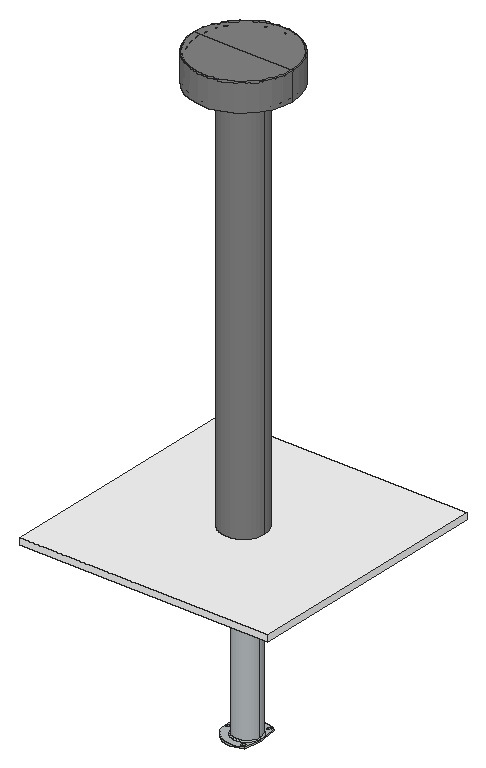
Revit family "BE_77233_de_DE", category Leuchten, Revit 2020
Family settings
  Basisbauteil = Fläche
  Bemaßung runder Anschluss = Durchmesser verwenden
  Teiletyp = Normal
  Beim Laden mit Abzugskörper schneiden = Ja
  Lichtquelle = Ja
  Gemeinsam genutzt = Nein
  Raumberechnungspunkt = Ja
Parameters (values of type "BEGA_77233_Grafit_K3")
  built-in parameter 1150104 = 13.006 (stored number, unit not read)
  Wattage = 4 W
  Default Elevation = 0 mm
  built-in parameter 1150113 = 1 (stored number, unit not read)
  built-in parameter 1114218 = 1 (stored number, unit not read)
  Umgebungstemperatur = "25 °C"
  URL = "https://www.bega.com/de/produkt/77233"
  Typenkommentare = "© 2022 BEGA. Wir behalten uns das Recht vor, technische Änderungen ohne vorherige Ankündigung vorzunehmen."  # constant formula
  Type Image = 77233.png
  built-in parameter 1150134 = (empty or 0)
  built-in parameter 1150109 = 1 (stored number, unit not read)
  Strom = ""
  built-in parameter 1150110 = 1 (stored number, unit not read)
  Spannung = 239.996 V
  Sonderanfertigung = no
  Seriennummer [instance] = "Hier können Sie die eindeutige Seriennummer für das Facility Management eintragen."
  Schutzklasse = "I"
  Schutzart = "IP 65"
  Scheinlast = 0 VA
  Produktdatenblatt = "https://cdn.bega.com/bega/products/77233AK3/current/documents/data-sheets/de"
  Oberflächentemperatur = ""
  Neigungswinkel = 0.00°
  Modell = "77233K3"
  Material_18 = BEGA_Gummi_schwarz
  Material_17 = BEGA_Reflektor
  Material_15 = BEGA_Leuchtmedium_matt
  Material_13 = BEGA_Kunststoff_matt
  Material_08 = BEGA_Oberfläche_Stahl_verzinkt
  Material_06 = BEGA_Oberfläche_Edelstahl_gebürstet
  Material_03 = BEGA_Oberfläche_Weiss_matt
  Material_02 = BEGA_Oberfläche_Silber_matt
  Material_01 [instance] = BEGA_Oberfläche_Grafit_matt
  M_W = no
  M_G = yes
  M_A = no
  Logo = 0
  built-in parameter 1114217 = 1 (stored number, unit not read)
  built-in parameter 1150139 = (empty or 0)
  built-in parameter 1150105 = 44.563 (stored number, unit not read)
  built-in parameter 1150114 = 1 (stored number, unit not read)
  Lumens = 560 lm
  built-in parameter 1150115 = 1 (stored number, unit not read)
  Leuchtenlichtstrom = "155 lm"
  Leuchtenanzahl = ""
  Lebensdauerkriterien = "L70B50 @ 25 °C = 200000 h"
  Lastklassifizierung = Beleuchtung
  built-in parameter 1150112 = 1 (stored number, unit not read)
  Lampenlichtstrom = "580 lm"
  Lampe = "LED 3.9 W"
  LED_Modulbezeichnung = "LED-1209/830"
  built-in parameter 1150142 = (empty or 0)
  Hersteller = "BEGA"  # constant formula
  Halbstreuwinkel = ""
  Gewicht = "2.85 kg"
  Gebrauchslageneinschränkung [instance] = ""
  Frequenz = "0/50-60 Hz"
  Farbwiedergabeindex = "CRI > 80"
  Farbtemperaturverschiebung bei Dämpfen der Lampe = <Keine Auswahl>
  Farbtemperatur = "3000 K"
  Color Filter = 16777215
  built-in parameter 1150133 = 10 (stored number, unit not read)
  Energieeffizienzklasse = "LED A++ - A"
  built-in parameter 1150137 = (empty or 0)
  built-in parameter 1150132 = (empty or 0)
  ENEC = "ja"
  Dimmbar [instance] = "on/off"
  Datei für fotometrisches Netz = "BE_77233K3.IES"
  CE_Konformität = "ja"
  Bestellnummer = "77233K3"
  Beschreibung_Sonderanfertigung = "Hier können Sie Informationen zur Sonderanfertigung eintragen."
  Beschreibung = "Garten- und Wegeleuchte"
  built-in parameter 1150106 = 0.44563 (stored number, unit not read)
  Befestigungsbohrung = ""
  Befestigungsabstand = ""
  Ballwurfsicher = ""
  BEGA_Intern_aus = yes
  BEGA_Intern_an = yes
  BEGA_Intern_Konstruktion = yes
  BEGA_Intern = yes
  BEGA_IES = yes
  BEGA_Dummy = no
  Anschlussleitung = ""
  Anschlussleistung [instance] = "5 W"
  built-in parameter 1150107 = 3000 (stored number, unit not read)
  built-in parameter 1150102 = (empty or 0)
  built-in parameter 1150138 = (empty or 0)
  Aktualisierung = "2022-05-19T04:00:07"
  Abstand_zur_angestrahlten_Fläche [instance] = ""
  AC/DC = "AC/DC"
Types (2, lengths in mm): name | Modell | M_G | M_A | Bestellnummer
  BEGA_77233_Silber_K3 | "77233AK3" | no | yes | "77233AK3"
  BEGA_77233_Grafit_K3 | "77233K3" | yes | no | "77233K3"
Reference planes
  plane 1 "Mitte (Vorne/Hinten)": y = 0
  plane 2: z = 0
  plane 3 "Mitte (Links/Rechts)": x = 0
  plane 4 "Links": x = -80
  plane 5 "Rechts": x = 80
  plane 6 "Unten": y = -80
  plane 7 "Oben": y = 80
  plane 8 "Vorne": z = 684.993
  plane 9 "Hinten": z = -299.999
Forms (mm)
  Extrusion 1, solid, material "BEGA_Platte_Weiss"
    sketch origin (0, -1119.2, 0) x (1, 0, 0) y (0, 1, 0)
      loop
        line (-200, 1319.2) -> (-200, 919.2) -> (200, 919.2) -> (200, 1319.2) -> (-200, 1319.2)
    from 0 to -10
  Extrusion 2, solid, material "BEGA_Dummy_matt", visible <- "BEGA_Dummy"
    sketch origin (77.149, -76.023, 0) x (1, 0, 0) y (0, 1, 0)
      loop
        circle (-77.149, 76.023) r 80
    from 0 to 684.993
Dimensions and locks
  plane 1 "Mitte (Vorne/Hinten)" to Extrusion 1 = 200 mm
  aligned and locked: plane 2 to Extrusion 1
  aligned and locked: level to Extrusion 1
Nested families
  nested 1: "BE_77233" at (0, 0, 0), type "BE_77233"
Connectors
  electrical at (0, 0, 0), driven by "Lastklassifizierung", driven by "Spannung", driven by "Scheinlast"
    settings: index 1, voltage 239.996 V, apparent load 0 VA, apparent load phase1 0 VA, apparent load phase2 0 VA, apparent load phase3 0 VA, power factor 1, load classification "Beleuchtung", number of poles 1, system type 31, power factor state 1, is connector primary yes, connector utility no, sub classification motor no, connector description ""
Definition of nested family "BE_77233"
  Parameters (values of type "BE_77233")
    Default Elevation = 1 mm
    URL = "http://www.bega.de/de/produkt"
    Type Comments = "© 2015 BEGA. Wir behalten uns das Recht vor, technische Änderungen ohne vorherige Ankündigung vorzunehmen. "  # constant formula
    Type Image = (empty or 0)
    Material_18 = none
    Material_17 = none
    Material_15 = none
    Material_13 = none
    Material_11 = none
    Material_09 = none
    Material_08 = none
    Material_06 = none
    Material_03 = none
    Material_02 = none
    Material_01 = none
    M_W = yes
    M_G = yes
    M_A = yes
    Länge_Platte = 200 mm  # constant formula
    Höhe_Platte = -10 mm  # constant formula
    Manufacturer = "BEGA"  # constant formula
    Breite_Platte = 200 mm  # constant formula
  Reference planes
    plane 1 "Mitte (Oben/Unten)": y = 0
    plane 2: z = 0
    plane 3 "Mitte (Links/Rechts)": x = 0
    plane 4: x = -80
    plane 5: x = 80
    plane 6: y = -80
    plane 7: y = 80
    plane 8: z = 684.993
    plane 9: z = -299.999
  Forms (mm)
    Extrusion 1, solid, detail levels medium
      sketch origin (0, 0, 0) x (1, 0, 0) y (0, 1, 0)
        loop
          line (-100, 100) -> (-100, -100) -> (100, -100) -> (100, 100) -> (-100, 100)
      from 0 to -10 <- "Höhe_Platte"
    Revolve 2, solid, material <- "Material_08", detail levels medium+fine
      sketch origin (12, 0, -300) x (1, 0, 0) y (0, 0, 1)
        loop
          line (-41, 2) -> (-41, 0.001) -> (-29.074, 0.001)
          arc (-29.074, 0.001) -> (-27.964, 0.292) -> (-27.1, 1.049) r 2.5
          line (-27.1, 1.049) -> (-27.1, 3.826) -> (-28.928, 2) -> (-41, 2)
        axis (-6, 0.001) -> (-6, 3.826)
      angle from 0 to 360
    Extrusion 3, void
      sketch origin (12, 0, 0) x (1, 0, 0) y (0, 1, 0)
        loop
          arc (18.123, 4.279) -> (18.5, 0) -> (18.123, -4.279) r 24.5
          line (18.123, -4.279) -> (13.787, -28.87)
          arc (13.787, -28.87) -> (24.964, -16.316) -> (29, 0) r 35
          arc (29, 0) -> (24.964, 16.316) -> (13.787, 28.87) r 35
          line (13.787, 28.87) -> (18.123, 4.279)
      from -304.302 to -292.496
    Revolve 4, solid, material <- "Material_08", detail levels medium+fine
      sketch origin (0, 0, 0) x (1, 0, 0) y (0, 0, 1)
        loop
          line (-15.1, -298.749) -> (-13.1, -298.749) -> (-13.1, 120) -> (-15.1, 120) -> (-15.1, -298.749)
        axis (6, 120) -> (6, -298.749)
      angle from 0 to 360
    Revolve 5, solid, material <- "Material_01", visible <- "M_G", detail levels medium+fine
      sketch origin (0, 0, -11) x (1, 0, 0) y (0, 0, 1)
        loop
          line (-35, 11) -> (-32, 11) -> (-32, 651.002) -> (-33.896, 650.995)
          arc (-33.896, 650.995) -> (-34.669, 650.743) -> (-35, 650) r 1
          line (-35, 650) -> (-35, 11)
        axis (0, 651.002) -> (0, 11)
      angle from 0 to 360
    Revolve 6, solid, material <- "Material_01", visible <- "M_G", detail levels medium+fine
      sketch origin (0, 0, -11) x (1, 0, 0) y (0, 0, 1)
        loop
          line (-80, 650.994) -> (-77.4, 650.994) -> (-77.271, 658.394) -> (-73.693, 658.394) -> (-73.118, 691.329)
          arc (-73.118, 691.329) -> (-72.52, 692.72) -> (-71.118, 693.294) r 2
          line (-71.118, 693.294) -> (0, 693.294) -> (0, 695.994) -> (-78.616, 695.994)
          arc (-78.616, 695.994) -> (-79.32, 695.704) -> (-79.616, 695.002) r 1
          line (-79.616, 695.002) -> (-80, 650.994)
        axis (0, 695.994) -> (0, 650.994)
      angle from 0 to 360
    Revolve 7, solid, material <- "Material_13", detail levels medium+fine
      sketch origin (0, 0, -11) x (1, 0, 0) y (0, 0, 1)
        loop
          line (-76.9, 658.394) -> (-76.9, 654.471)
          arc (-76.9, 654.471) -> (-76.616, 653.774) -> (-75.926, 653.472) r 1
          line (-75.926, 653.472) -> (-28.354, 652.226) -> (-26.75, 631.9) -> (-24, 631.9) -> (-24, 656.548) -> (-76.9, 658.394)
        axis (0, 631.9) -> (0, 658.394)
      angle from 0 to 360
    Revolve 8, void
      sketch origin (0, 0, 0) x (1, 0, 0) y (0, 0, 1)
        loop
          line (-30.669, 39) -> (-36.301, 39) -> (-36.301, 35) -> (-30.669, 35) -> (-30.669, 39)
        axis (-36.301, 35) -> (-30.669, 35)
      angle from 0 to 360
    Revolve 9, void
      sketch origin (0, 0, 50) x (1, 0, 0) y (0, 0, 1)
        loop
          line (-30.22, 39) -> (-36.02, 39) -> (-36.02, 35) -> (-30.22, 35) -> (-30.22, 39)
        axis (-36.02, 35) -> (-30.22, 35)
      angle from 0 to 360
    Extrusion 10, void
      sketch origin (12, 0, 0) x (1, 0, 0) y (0, 1, 0)
        loop
          circle (9, 25.981) r 2.75
        loop
          circle (9, -25.981) r 2.75
      from -304.302 to -292.496
    Revolve 11, solid, material <- "Material_02", visible <- "M_A", detail levels medium+fine
      sketch origin (0, 0, -11) x (1, 0, 0) y (0, 0, 1)
        loop
          line (-35, 11) -> (-32, 11) -> (-32, 651.002) -> (-33.896, 650.995)
          arc (-33.896, 650.995) -> (-34.669, 650.743) -> (-35, 650) r 1
          line (-35, 650) -> (-35, 11)
        axis (0, 651.002) -> (0, 11)
      angle from 0 to 360
    Revolve 12, solid, material <- "Material_02", visible <- "M_A", detail levels medium+fine
      sketch origin (0, 0, -11) x (1, 0, 0) y (0, 0, 1)
        loop
          line (-80, 650.994) -> (-77.4, 650.994) -> (-77.271, 658.394) -> (-73.693, 658.394) -> (-73.118, 691.329)
          arc (-73.118, 691.329) -> (-72.52, 692.72) -> (-71.118, 693.294) r 2
          line (-71.118, 693.294) -> (0, 693.294) -> (0, 695.994) -> (-78.616, 695.994)
          arc (-78.616, 695.994) -> (-79.32, 695.704) -> (-79.616, 695.002) r 1
          line (-79.616, 695.002) -> (-80, 650.994)
        axis (0, 695.994) -> (0, 650.994)
      angle from 0 to 360
    Extrusion 13, void
      sketch origin (-33, 25.981, 0) x (1, 0, 0) y (0, 1, 0)
        loop
          circle (9, 25.981) r 2.75
        loop
          circle (9, -25.981) r 2.75
      from -304.302 to -292.496
    Revolve 14, solid, material <- "Material_06", detail levels fine
      sketch origin (0, 0, -11) x (-1, 0, 0) y (0, 0, 1)
        loop
          line (32.579, 100.1) -> (32.579, 99) -> (15.1, 99) -> (15.1, 96) -> (34.8, 96) -> (34.8, 100.1) -> (32.579, 100.1)
        axis (15.1, 96) -> (34.8, 96)
      angle from 0 to 360
    Revolve 15, solid, material <- "Material_06", detail levels fine
      sketch origin (0, 0, -61) x (-1, 0, 0) y (0, 0, 1)
        loop
          line (32.579, 100.1) -> (32.579, 99) -> (15.1, 99) -> (15.1, 96) -> (34.8, 96) -> (34.8, 100.1) -> (32.579, 100.1)
        axis (15.1, 96) -> (34.8, 96)
      angle from 0 to 360
  Cuts and joins
    Extrusion 3, Extrusion 10, Extrusion 13 cuts Revolve 2
    Extrusion 10, Extrusion 13 cuts Revolve 4
    joined: Revolve 2, Revolve 4
    Revolve 8, Revolve 9, Extrusion 10 cuts Revolve 5
    Revolve 8, Revolve 9 cuts Revolve 11
  Dimensions and locks
    equal spacing: Extrusion 1 sketch curve, plane 3 "Mitte (Links/Rechts)", Extrusion 1 sketch curve
    equal spacing: Extrusion 1 sketch curve, plane 1 "Mitte (Oben/Unten)", Extrusion 1 sketch curve
    "Länge_Platte": Extrusion 1 sketch curve to Extrusion 1 sketch curve
    "Breite_Platte": Extrusion 1 sketch curve to Extrusion 1 sketch curve
    aligned and locked: Extrusion 1 to plane 2
    aligned and locked: level to Extrusion 1
    aligned and locked: Extrusion 3 to Extrusion 10
  Automatic sketch dimensions
    plane 4 to Revolve 2 sketch curve = 51 mm
    Revolve 2 sketch curve to Revolve 2 sketch curve = 11.865 mm
    Revolve 2 sketch curve to Revolve 2 sketch curve = 0.061 mm
    Revolve 2 sketch curve to Revolve 2 sketch curve = 0.207 mm
    Revolve 2 sketch curve to Revolve 2 sketch curve = 2.036 mm
    Revolve 2 sketch curve to level = 299.999 mm
    Revolve 2 sketch curve to Revolve 2 sketch curve = 1.048 mm
    Revolve 2 sketch curve to Revolve 2 sketch curve = 0.5 mm
    Revolve 2 sketch curve to Revolve 2 sketch curve = 1.326 mm
    plane 3 "Mitte (Links/Rechts)" to Revolve 2 sketch curve = 6 mm
    Revolve 2 sketch curve to Revolve 2 sketch curve = 2.326 mm
    Revolve 2 sketch curve to Revolve 2 sketch curve = 4.289 mm
    Extrusion 3 sketch curve to Extrusion 3 sketch curve = 0 mm  (x6)
    plane 1 "Mitte (Oben/Unten)" to Extrusion 3 sketch curve = 0 mm
    plane 3 "Mitte (Links/Rechts)" to Extrusion 3 sketch curve = 6 mm
    plane 3 "Mitte (Links/Rechts)" to Extrusion 3 sketch curve = 25.787 mm  (x2)
    plane 1 "Mitte (Oben/Unten)" to Extrusion 3 sketch curve = 4.279 mm
    plane 3 "Mitte (Links/Rechts)" to Extrusion 3 sketch curve = 30.123 mm
    Extrusion 3 sketch curve to plane 1 "Mitte (Oben/Unten)" = 4.279 mm
    Extrusion 3 sketch curve to Extrusion 3 sketch curve = 24.59 mm
    Revolve 4 sketch curve to plane 3 "Mitte (Links/Rechts)" = 15.1 mm
    Revolve 4 sketch curve to Revolve 4 sketch curve = 2 mm
    Revolve 4 sketch curve to level = 298.749 mm
    level to Revolve 4 sketch curve = 120 mm
    plane 3 "Mitte (Links/Rechts)" to Revolve 4 sketch curve = 6 mm
    Revolve 4 sketch curve to Revolve 4 sketch curve = 22.638 mm
    Revolve 4 sketch curve to Revolve 4 sketch curve = 7.638 mm
    Revolve 5 sketch curve to level = 0 mm
    Revolve 5 sketch curve to plane 3 "Mitte (Links/Rechts)" = 0 mm
    Revolve 5 sketch curve to plane 3 "Mitte (Links/Rechts)" = 32 mm
    Revolve 5 sketch curve to Revolve 5 sketch curve = 1.896 mm
    Revolve 5 sketch curve to Revolve 5 sketch curve = 0.104 mm
    Revolve 5 sketch curve to Revolve 5 sketch curve = 3 mm
    Revolve 5 sketch curve to Revolve 5 sketch curve = 0.008 mm
    Revolve 5 sketch curve to Revolve 5 sketch curve = 254 mm
    Revolve 5 sketch curve to Revolve 5 sketch curve = 40 mm
    Revolve 6 sketch curve to plane 4 = 0 mm
    Revolve 6 sketch curve to plane 3 "Mitte (Links/Rechts)" = 0 mm  (x2)
    plane 4 to Revolve 6 sketch curve = 1.384 mm
    Revolve 6 sketch curve to Revolve 6 sketch curve = 2.6 mm
    plane 4 to Revolve 6 sketch curve = 2.729 mm
    Revolve 6 sketch curve to Revolve 6 sketch curve = 3.578 mm
    Revolve 6 sketch curve to Revolve 6 sketch curve = 7.498 mm
    Revolve 6 sketch curve to Revolve 6 sketch curve = 7.4 mm
    Revolve 6 sketch curve to Revolve 6 sketch curve = 1.7 mm
    Revolve 6 sketch curve to Revolve 6 sketch curve = 2.7 mm
    plane 4 to Revolve 6 sketch curve = 0.384 mm
    Revolve 6 sketch curve to Revolve 6 sketch curve = 0 mm  (x6)
    Revolve 6 sketch curve to Revolve 6 sketch curve = 2 mm
    Revolve 6 sketch curve to Revolve 6 sketch curve = 20 mm
    Revolve 6 sketch curve to Revolve 6 sketch curve = 10 mm
    Revolve 6 sketch curve to Revolve 6 sketch curve = 0.035 mm
    Revolve 7 sketch curve to plane 3 "Mitte (Links/Rechts)" = 0 mm
    Revolve 7 sketch curve to plane 3 "Mitte (Links/Rechts)" = 24 mm
    Revolve 7 sketch curve to Revolve 7 sketch curve = 2.75 mm
    Revolve 7 sketch curve to Revolve 7 sketch curve = 4.354 mm
    plane 4 to Revolve 7 sketch curve = 4.1 mm
    plane 4 to Revolve 7 sketch curve = 3.1 mm
    Revolve 7 sketch curve to Revolve 7 sketch curve = 20.326 mm
    Revolve 7 sketch curve to Revolve 7 sketch curve = 2.245 mm
    Revolve 7 sketch curve to Revolve 7 sketch curve = 4.322 mm
    Revolve 7 sketch curve to Revolve 7 sketch curve = 3.922 mm
    Revolve 7 sketch curve to Revolve 7 sketch curve = 0.026 mm
    Revolve 7 sketch curve to Revolve 7 sketch curve = 0 mm  (x2)
    Revolve 7 sketch curve to Revolve 7 sketch curve = 7.309 mm
    Revolve 7 sketch curve to Revolve 7 sketch curve = 5 mm
    Revolve 8 sketch curve to plane 3 "Mitte (Links/Rechts)" = 36.301 mm
    Revolve 8 sketch curve to Revolve 8 sketch curve = 5.632 mm
    level to Revolve 8 sketch curve = 35 mm  (x2)
    Revolve 8 sketch curve to Revolve 8 sketch curve = 4 mm
    Revolve 8 sketch curve to plane 3 "Mitte (Links/Rechts)" = 35.776 mm
    Revolve 8 sketch curve to Revolve 8 sketch curve = 4.582 mm
    Revolve 9 sketch curve to plane 3 "Mitte (Links/Rechts)" = 36.02 mm
    Revolve 9 sketch curve to Revolve 9 sketch curve = 5.8 mm
    level to Revolve 9 sketch curve = 85 mm
    Revolve 9 sketch curve to Revolve 9 sketch curve = 4 mm
    Revolve 9 sketch curve to plane 3 "Mitte (Links/Rechts)" = 35.411 mm
    Revolve 9 sketch curve to Revolve 9 sketch curve = 4.582 mm
    Revolve 9 sketch curve to Revolve 9 sketch curve = 0 mm
    plane 3 "Mitte (Links/Rechts)" to Extrusion 10 sketch curve = 21 mm  (x2)
    plane 1 "Mitte (Oben/Unten)" to Extrusion 10 sketch curve = 25.981 mm
    Extrusion 10 sketch curve to plane 1 "Mitte (Oben/Unten)" = 25.981 mm
    Revolve 11 sketch curve to level = 0 mm
    Revolve 11 sketch curve to plane 3 "Mitte (Links/Rechts)" = 0 mm
    Revolve 11 sketch curve to plane 3 "Mitte (Links/Rechts)" = 32 mm
    Revolve 11 sketch curve to Revolve 11 sketch curve = 1.896 mm
    Revolve 11 sketch curve to Revolve 11 sketch curve = 0.104 mm
    Revolve 11 sketch curve to Revolve 11 sketch curve = 3 mm
    Revolve 11 sketch curve to Revolve 11 sketch curve = 0.008 mm
    Revolve 11 sketch curve to Revolve 11 sketch curve = 254 mm
    Revolve 11 sketch curve to Revolve 11 sketch curve = 40 mm
    Revolve 12 sketch curve to plane 4 = 0 mm
    Revolve 12 sketch curve to plane 3 "Mitte (Links/Rechts)" = 0 mm  (x2)
    plane 4 to Revolve 12 sketch curve = 1.384 mm
    Revolve 12 sketch curve to Revolve 12 sketch curve = 2.6 mm
    plane 4 to Revolve 12 sketch curve = 2.729 mm
    Revolve 12 sketch curve to Revolve 12 sketch curve = 3.578 mm
    Revolve 12 sketch curve to Revolve 12 sketch curve = 7.498 mm
    Revolve 12 sketch curve to Revolve 12 sketch curve = 7.4 mm
    Revolve 12 sketch curve to Revolve 12 sketch curve = 1.7 mm
    Revolve 12 sketch curve to Revolve 12 sketch curve = 2.7 mm
    plane 4 to Revolve 12 sketch curve = 0.384 mm
    Revolve 12 sketch curve to Revolve 12 sketch curve = 0 mm  (x6)
    Revolve 12 sketch curve to Revolve 12 sketch curve = 2 mm
    Revolve 12 sketch curve to Revolve 12 sketch curve = 20 mm
    Revolve 12 sketch curve to Revolve 12 sketch curve = 10 mm
    Revolve 12 sketch curve to Revolve 12 sketch curve = 0.035 mm
    plane 1 "Mitte (Oben/Unten)" to Extrusion 13 sketch curve = 0 mm
    Extrusion 13 sketch curve to plane 3 "Mitte (Links/Rechts)" = 24 mm  (x2)
    Extrusion 13 sketch curve to plane 7 = 28.039 mm
    plane 3 "Mitte (Links/Rechts)" to Revolve 14 sketch curve = 15.1 mm
    Revolve 14 sketch curve to Revolve 14 sketch curve = 17.479 mm
    Revolve 14 sketch curve to Revolve 14 sketch curve = 2.221 mm
    Revolve 14 sketch curve to level = 85 mm
    Revolve 14 sketch curve to Revolve 14 sketch curve = 3 mm
    Revolve 14 sketch curve to Revolve 14 sketch curve = 1.1 mm
    Revolve 14 sketch curve to Revolve 14 sketch curve = 0 mm  (x3)
    plane 3 "Mitte (Links/Rechts)" to Revolve 15 sketch curve = 15.1 mm
    Revolve 15 sketch curve to Revolve 15 sketch curve = 17.479 mm
    Revolve 15 sketch curve to Revolve 15 sketch curve = 2.221 mm
    Revolve 15 sketch curve to level = 35 mm
    Revolve 15 sketch curve to Revolve 15 sketch curve = 3 mm
    Revolve 15 sketch curve to Revolve 15 sketch curve = 1.1 mm
    Revolve 15 sketch curve to Revolve 15 sketch curve = 0 mm  (x3)
    plane 8 to Revolve 5 sketch curve = 45.993 mm
    plane 8 to Revolve 6 sketch curve = 45 mm
    plane 8 to Revolve 6 sketch curve = 4.7 mm
    plane 8 to Revolve 6 sketch curve = 2.7 mm
    plane 8 to Revolve 7 sketch curve = 64.093 mm
    plane 8 to Revolve 11 sketch curve = 45.993 mm
    plane 8 to Revolve 12 sketch curve = 45 mm
    plane 8 to Revolve 12 sketch curve = 4.7 mm
    plane 8 to Revolve 12 sketch curve = 2.7 mm
    radius of Extrusion 10 sketch curve = 2.75 mm  (x2)
    radius of Extrusion 13 sketch curve = 2.75 mm  (x2)
